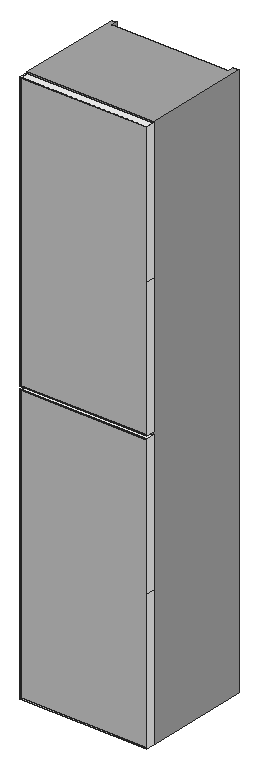
Revit family "bathroom vanity-hansgrohe-54221XXX-Xevolos E Tall cabinet Matt White 400_360, door hinge right", category Furniture, Revit 2019
Family settings
  OmniClass Number = 23.40.00.00
  OmniClass Title = Equipment and Furnishings
  Work Plane-Based = No
  Always vertical = Yes
  Cut with Voids When Loaded = No
  Shared = Yes
  Room Calculation Point = No
Parameters (values of type "54221320-MATT_WHITE-METALLIC_WHITE-400")
  etim7_EC011381 = "EC011381"
  WEIGHT = "0"
  UNSPSC = "56 | Furniture and Furnishings"
  UNIFORMATII = "E2010 | Fixed Furnishings"
  UNICLASS_2015_CODE = "40_30_78_05"
  UNICLASS2015 = "Pr_40_30_78_05 | Bathroom furniture"
  SURFACE = "METALLIC_WHITE"
  REGION = "Worldwide"
  PRODUCTURL = "https://pro.hansgrohe.com/articledetail--54221320"
  PERMALINK = "54221XXX"
  OMNICLASS = "23-21 19 15 33 13 | Residential Bathroom Specialty Casework"
  OBJECTTYPE = "Object (single object)"
  OBERFLAECHE = "MATT_WHITE"
  NN = "Tall cabinet, door hinge"
  NBSYN = "$ARTNR.-$OBERFLAECHE.-$SURFACE.-$LODLEVEL."
  NB = "54221320-MATT_WHITE-METALLIC_WHITE-400"
  NAME = "Xevolos E Tall cabinet Matt White 400/360, door hinge right"
  Model = "54221320-MATT_WHITE-METALLIC_WHITE-400"
  Manufacturer = "Hansgrohe"
  MIdent = "{$CADENAS_DATA/23d-libs/hansgrohe/xevolos_furniture/xevolos_tall_cabinet_door_hinge/tall_cabinet_door_hinge.prj},243 {VTYP=3D},{NB=54221320-MATT_WHITE-METALLIC_WHITE-400},{LINA=54221320-MATT_WHITE-METALLIC_WHITE-400},{NN=Tall cabinet, door hinge},{DATE=13.03.2023 12:06:51},{GEOMDATE=12.03.2023 06:51:00},{VERSION=},{LINEID=100},{WBVAR=LODLEVEL},{WBNUMERIC=}  {NB=54221320-MATT_WHITE-METALLIC_WHITE-400},{LINA=54221320-MATT_WHITE-METALLIC_WHITE-400},{KT=DUMMY},{IDNR=10},{ARTNR=54221320},{BASENUMBER=54221},{MODEL=54221XXX},{OBERFLAECHE=MATT_WHITE},{SURFACE=METALLIC_WHITE},{L=400},{LODLEVEL=400},{LODLEVELX='400','400','200','200'},{NAME=Xevolos E Tall cabinet Matt White 400/360, door hinge right},{PERMALINK=54221XXX},{OBJECTTYPE=Object (single object)},{BIMOBJECT=Sanitary: Compound units},{COLLECTIONSET=Xevolos E},{COLLECTION=bathroom vanity},{WEIGHT=0},{DESCRIPTION=Xevolos E Tall cabinet Matt White 400/360, door hinge right},{PRODUCTURL=https://pro.hansgrohe.com/articledetail--54221320},{GTINCODE=0},{TENDERURL=0},{IFC=Furnishing element},{ETIM=EC011381 | Bathroom furniture set},{UNICLASS2015=Pr_40_30_78_05 | Bathroom furniture},{OMNICLASS=23-21 19 15 33 13 | Residential Bathroom Specialty Casework},{MASTERFORMAT=12 35 30.23 | Bathroom Casework},{UNSPSC=56 | Furniture and Furnishings},{UNIFORMATII=E2010 | Fixed Furnishings},{REGION=Worldwide},{DESIGN=Germany},{MANUFACTURER=Germany}"
  MASTERFORMAT = "12 35 30.23 | Bathroom Casework"
  LODLEVEL = "400"
  LINA = "54221320-MATT_WHITE-METALLIC_WHITE-400"
  L = 400
  IFC = "Furnishing element"
  IDNR = 10
  ETIM = "EC011381 | Bathroom furniture set"
  DESIGN = "Germany"
  COLLECTIONSET = "Xevolos E"
  COLLECTION = "bathroom vanity"
  CATALOG = "Hansgrohe"
  BIMOBJECT = "Sanitary: Compound units"
  BASENUMBER = "54221"
  ARTNR = "54221320"
  54221730-MATT_WHITE-DARK_OAK-400_RX0RY0RZ0TX0TY0TZ0_V = no
  54221730-MATT_WHITE-DARK_OAK-200_RX0RY0RZ0TX0TY0TZ0_V = no
  54221390-MATT_WHITE-PATTEREND_BRONZE-400_RX0RY0RZ0TX0TY0TZ0_V = no
  54221390-MATT_WHITE-PATTEREND_BRONZE-200_RX0RY0RZ0TX0TY0TZ0_V = no
  54221320-MATT_WHITE-METALLIC_WHITE-400_RX0RY0RZ0TX0TY0TZ0_V = yes
  54221320-MATT_WHITE-METALLIC_WHITE-200_RX0RY0RZ0TX0TY0TZ0_V = no
Types (6, lengths in mm): name | SURFACE | NB | Model | MIdent | LODLEVEL | LINA | IDNR | ARTNR | 54221730-MATT_WHITE-DARK_OAK-400_RX0RY0RZ0TX0TY0TZ0_V | 54221730-MATT_WHITE-DARK_OAK-200_RX0RY0RZ0TX0TY0TZ0_V | 54221390-MATT_WHITE-PATTEREND_BRONZE-400_RX0RY0RZ0TX0TY0TZ0_V | 54221390-MATT_WHITE-PATTEREND_BRONZE-200_RX0RY0RZ0TX0TY0TZ0_V | 54221320-MATT_WHITE-METALLIC_WHITE-400_RX0RY0RZ0TX0TY0TZ0_V | 54221320-MATT_WHITE-METALLIC_WHITE-200_RX0RY0RZ0TX0TY0TZ0_V
  54221320-MATT_WHITE-METALLIC_WHITE-200 | "METALLIC_WHITE" | "54221320-MATT_WHITE-METALLIC_WHITE-200" | "54221320-MATT_WHITE-METALLIC_WHITE-200" | "{$CADENAS_DATA/23d-libs/hansgrohe/xevolos_furniture/xevolos_tall_cabinet_door_hinge/tall_cabinet_door_hinge.prj},243 {VTYP=3D},{NB=54221320-MATT_WHITE-METALLIC_WHITE-200},{LINA=54221320-MATT_WHITE-METALLIC_WHITE-200},{NN=Tall cabinet, door hinge},{DATE=13.03.2023 12:06:51},{GEOMDATE=12.03.2023 06:51:00},{VERSION=},{LINEID=100},{WBVAR=LODLEVEL},{WBNUMERIC=}  {NB=54221320-MATT_WHITE-METALLIC_WHITE-200},{LINA=54221320-MATT_WHITE-METALLIC_WHITE-200},{KT=DUMMY},{IDNR=10},{ARTNR=54221320},{BASENUMBER=54221},{MODEL=54221XXX},{OBERFLAECHE=MATT_WHITE},{SURFACE=METALLIC_WHITE},{L=400},{LODLEVEL=200},{LODLEVELX='400','400','200','200'},{NAME=Xevolos E Tall cabinet Matt White 400/360, door hinge right},{PERMALINK=54221XXX},{OBJECTTYPE=Object (single object)},{BIMOBJECT=Sanitary: Compound units},{COLLECTIONSET=Xevolos E},{COLLECTION=bathroom vanity},{WEIGHT=0},{DESCRIPTION=Xevolos E Tall cabinet Matt White 400/360, door hinge right},{PRODUCTURL=https://pro.hansgrohe.com/articledetail--54221320},{GTINCODE=0},{TENDERURL=0},{IFC=Furnishing element},{ETIM=EC011381 | Bathroom furniture set},{UNICLASS2015=Pr_40_30_78_05 | Bathroom furniture},{OMNICLASS=23-21 19 15 33 13 | Residential Bathroom Specialty Casework},{MASTERFORMAT=12 35 30.23 | Bathroom Casework},{UNSPSC=56 | Furniture and Furnishings},{UNIFORMATII=E2010 | Fixed Furnishings},{REGION=Worldwide},{DESIGN=Germany},{MANUFACTURER=Germany}" | "200" | "54221320-MATT_WHITE-METALLIC_WHITE-200" | 10 | "54221320" | no | no | no | no | no | yes
  54221320-MATT_WHITE-METALLIC_WHITE-400 | "METALLIC_WHITE" | "54221320-MATT_WHITE-METALLIC_WHITE-400" | "54221320-MATT_WHITE-METALLIC_WHITE-400" | "{$CADENAS_DATA/23d-libs/hansgrohe/xevolos_furniture/xevolos_tall_cabinet_door_hinge/tall_cabinet_door_hinge.prj},243 {VTYP=3D},{NB=54221320-MATT_WHITE-METALLIC_WHITE-400},{LINA=54221320-MATT_WHITE-METALLIC_WHITE-400},{NN=Tall cabinet, door hinge},{DATE=13.03.2023 12:06:51},{GEOMDATE=12.03.2023 06:51:00},{VERSION=},{LINEID=100},{WBVAR=LODLEVEL},{WBNUMERIC=}  {NB=54221320-MATT_WHITE-METALLIC_WHITE-400},{LINA=54221320-MATT_WHITE-METALLIC_WHITE-400},{KT=DUMMY},{IDNR=10},{ARTNR=54221320},{BASENUMBER=54221},{MODEL=54221XXX},{OBERFLAECHE=MATT_WHITE},{SURFACE=METALLIC_WHITE},{L=400},{LODLEVEL=400},{LODLEVELX='400','400','200','200'},{NAME=Xevolos E Tall cabinet Matt White 400/360, door hinge right},{PERMALINK=54221XXX},{OBJECTTYPE=Object (single object)},{BIMOBJECT=Sanitary: Compound units},{COLLECTIONSET=Xevolos E},{COLLECTION=bathroom vanity},{WEIGHT=0},{DESCRIPTION=Xevolos E Tall cabinet Matt White 400/360, door hinge right},{PRODUCTURL=https://pro.hansgrohe.com/articledetail--54221320},{GTINCODE=0},{TENDERURL=0},{IFC=Furnishing element},{ETIM=EC011381 | Bathroom furniture set},{UNICLASS2015=Pr_40_30_78_05 | Bathroom furniture},{OMNICLASS=23-21 19 15 33 13 | Residential Bathroom Specialty Casework},{MASTERFORMAT=12 35 30.23 | Bathroom Casework},{UNSPSC=56 | Furniture and Furnishings},{UNIFORMATII=E2010 | Fixed Furnishings},{REGION=Worldwide},{DESIGN=Germany},{MANUFACTURER=Germany}" | "400" | "54221320-MATT_WHITE-METALLIC_WHITE-400" | 10 | "54221320" | no | no | no | no | yes | no
  54221390-MATT_WHITE-PATTEREND_BRONZE-200 | "PATTEREND_BRONZE" | "54221390-MATT_WHITE-PATTEREND_BRONZE-200" | "54221390-MATT_WHITE-PATTEREND_BRONZE-200" | "{$CADENAS_DATA/23d-libs/hansgrohe/xevolos_furniture/xevolos_tall_cabinet_door_hinge/tall_cabinet_door_hinge.prj},247 {VTYP=3D},{NB=54221390-MATT_WHITE-PATTEREND_BRONZE-200},{LINA=54221390-MATT_WHITE-PATTEREND_BRONZE-200},{NN=Tall cabinet, door hinge},{DATE=13.03.2023 12:06:51},{GEOMDATE=12.03.2023 06:51:00},{VERSION=},{LINEID=110},{WBVAR=LODLEVEL},{WBNUMERIC=}  {NB=54221390-MATT_WHITE-PATTEREND_BRONZE-200},{LINA=54221390-MATT_WHITE-PATTEREND_BRONZE-200},{KT=DUMMY},{IDNR=11},{ARTNR=54221390},{BASENUMBER=54221},{MODEL=54221XXX},{OBERFLAECHE=MATT_WHITE},{SURFACE=PATTEREND_BRONZE},{L=400},{LODLEVEL=200},{LODLEVELX='400','400','200','200'},{NAME=Xevolos E Tall cabinet Matt White 400/360, door hinge right},{PERMALINK=54221XXX},{OBJECTTYPE=Object (single object)},{BIMOBJECT=Sanitary: Compound units},{COLLECTIONSET=Xevolos E},{COLLECTION=bathroom vanity},{WEIGHT=0},{DESCRIPTION=Xevolos E Tall cabinet Matt White 400/360, door hinge right},{PRODUCTURL=https://pro.hansgrohe.com/articledetail--54221320},{GTINCODE=0},{TENDERURL=0},{IFC=Furnishing element},{ETIM=EC011381 | Bathroom furniture set},{UNICLASS2015=Pr_40_30_78_05 | Bathroom furniture},{OMNICLASS=23-21 19 15 33 13 | Residential Bathroom Specialty Casework},{MASTERFORMAT=12 35 30.23 | Bathroom Casework},{UNSPSC=56 | Furniture and Furnishings},{UNIFORMATII=E2010 | Fixed Furnishings},{REGION=Worldwide},{DESIGN=Germany},{MANUFACTURER=Germany}" | "200" | "54221390-MATT_WHITE-PATTEREND_BRONZE-200" | 11 | "54221390" | no | no | no | yes | no | no
  54221390-MATT_WHITE-PATTEREND_BRONZE-400 | "PATTEREND_BRONZE" | "54221390-MATT_WHITE-PATTEREND_BRONZE-400" | "54221390-MATT_WHITE-PATTEREND_BRONZE-400" | "{$CADENAS_DATA/23d-libs/hansgrohe/xevolos_furniture/xevolos_tall_cabinet_door_hinge/tall_cabinet_door_hinge.prj},247 {VTYP=3D},{NB=54221390-MATT_WHITE-PATTEREND_BRONZE-400},{LINA=54221390-MATT_WHITE-PATTEREND_BRONZE-400},{NN=Tall cabinet, door hinge},{DATE=13.03.2023 12:06:51},{GEOMDATE=12.03.2023 06:51:00},{VERSION=},{LINEID=110},{WBVAR=LODLEVEL},{WBNUMERIC=}  {NB=54221390-MATT_WHITE-PATTEREND_BRONZE-400},{LINA=54221390-MATT_WHITE-PATTEREND_BRONZE-400},{KT=DUMMY},{IDNR=11},{ARTNR=54221390},{BASENUMBER=54221},{MODEL=54221XXX},{OBERFLAECHE=MATT_WHITE},{SURFACE=PATTEREND_BRONZE},{L=400},{LODLEVEL=400},{LODLEVELX='400','400','200','200'},{NAME=Xevolos E Tall cabinet Matt White 400/360, door hinge right},{PERMALINK=54221XXX},{OBJECTTYPE=Object (single object)},{BIMOBJECT=Sanitary: Compound units},{COLLECTIONSET=Xevolos E},{COLLECTION=bathroom vanity},{WEIGHT=0},{DESCRIPTION=Xevolos E Tall cabinet Matt White 400/360, door hinge right},{PRODUCTURL=https://pro.hansgrohe.com/articledetail--54221320},{GTINCODE=0},{TENDERURL=0},{IFC=Furnishing element},{ETIM=EC011381 | Bathroom furniture set},{UNICLASS2015=Pr_40_30_78_05 | Bathroom furniture},{OMNICLASS=23-21 19 15 33 13 | Residential Bathroom Specialty Casework},{MASTERFORMAT=12 35 30.23 | Bathroom Casework},{UNSPSC=56 | Furniture and Furnishings},{UNIFORMATII=E2010 | Fixed Furnishings},{REGION=Worldwide},{DESIGN=Germany},{MANUFACTURER=Germany}" | "400" | "54221390-MATT_WHITE-PATTEREND_BRONZE-400" | 11 | "54221390" | no | no | yes | no | no | no
  54221730-MATT_WHITE-DARK_OAK-200 | "DARK_OAK" | "54221730-MATT_WHITE-DARK_OAK-200" | "54221730-MATT_WHITE-DARK_OAK-200" | "{$CADENAS_DATA/23d-libs/hansgrohe/xevolos_furniture/xevolos_tall_cabinet_door_hinge/tall_cabinet_door_hinge.prj},231 {VTYP=3D},{NB=54221730-MATT_WHITE-DARK_OAK-200},{LINA=54221730-MATT_WHITE-DARK_OAK-200},{NN=Tall cabinet, door hinge},{DATE=13.03.2023 12:06:51},{GEOMDATE=12.03.2023 06:51:00},{VERSION=},{LINEID=120},{WBVAR=LODLEVEL},{WBNUMERIC=}  {NB=54221730-MATT_WHITE-DARK_OAK-200},{LINA=54221730-MATT_WHITE-DARK_OAK-200},{KT=DUMMY},{IDNR=12},{ARTNR=54221730},{BASENUMBER=54221},{MODEL=54221XXX},{OBERFLAECHE=MATT_WHITE},{SURFACE=DARK_OAK},{L=400},{LODLEVEL=200},{LODLEVELX='400','400','200','200'},{NAME=Xevolos E Tall cabinet Matt White 400/360, door hinge right},{PERMALINK=54221XXX},{OBJECTTYPE=Object (single object)},{BIMOBJECT=Sanitary: Compound units},{COLLECTIONSET=Xevolos E},{COLLECTION=bathroom vanity},{WEIGHT=0},{DESCRIPTION=Xevolos E Tall cabinet Matt White 400/360, door hinge right},{PRODUCTURL=https://pro.hansgrohe.com/articledetail--54221320},{GTINCODE=0},{TENDERURL=0},{IFC=Furnishing element},{ETIM=EC011381 | Bathroom furniture set},{UNICLASS2015=Pr_40_30_78_05 | Bathroom furniture},{OMNICLASS=23-21 19 15 33 13 | Residential Bathroom Specialty Casework},{MASTERFORMAT=12 35 30.23 | Bathroom Casework},{UNSPSC=56 | Furniture and Furnishings},{UNIFORMATII=E2010 | Fixed Furnishings},{REGION=Worldwide},{DESIGN=Germany},{MANUFACTURER=Germany}" | "200" | "54221730-MATT_WHITE-DARK_OAK-200" | 12 | "54221730" | no | yes | no | no | no | no
  54221730-MATT_WHITE-DARK_OAK-400 | "DARK_OAK" | "54221730-MATT_WHITE-DARK_OAK-400" | "54221730-MATT_WHITE-DARK_OAK-400" | "{$CADENAS_DATA/23d-libs/hansgrohe/xevolos_furniture/xevolos_tall_cabinet_door_hinge/tall_cabinet_door_hinge.prj},231 {VTYP=3D},{NB=54221730-MATT_WHITE-DARK_OAK-400},{LINA=54221730-MATT_WHITE-DARK_OAK-400},{NN=Tall cabinet, door hinge},{DATE=13.03.2023 12:06:51},{GEOMDATE=12.03.2023 06:51:00},{VERSION=},{LINEID=120},{WBVAR=LODLEVEL},{WBNUMERIC=}  {NB=54221730-MATT_WHITE-DARK_OAK-400},{LINA=54221730-MATT_WHITE-DARK_OAK-400},{KT=DUMMY},{IDNR=12},{ARTNR=54221730},{BASENUMBER=54221},{MODEL=54221XXX},{OBERFLAECHE=MATT_WHITE},{SURFACE=DARK_OAK},{L=400},{LODLEVEL=400},{LODLEVELX='400','400','200','200'},{NAME=Xevolos E Tall cabinet Matt White 400/360, door hinge right},{PERMALINK=54221XXX},{OBJECTTYPE=Object (single object)},{BIMOBJECT=Sanitary: Compound units},{COLLECTIONSET=Xevolos E},{COLLECTION=bathroom vanity},{WEIGHT=0},{DESCRIPTION=Xevolos E Tall cabinet Matt White 400/360, door hinge right},{PRODUCTURL=https://pro.hansgrohe.com/articledetail--54221320},{GTINCODE=0},{TENDERURL=0},{IFC=Furnishing element},{ETIM=EC011381 | Bathroom furniture set},{UNICLASS2015=Pr_40_30_78_05 | Bathroom furniture},{OMNICLASS=23-21 19 15 33 13 | Residential Bathroom Specialty Casework},{MASTERFORMAT=12 35 30.23 | Bathroom Casework},{UNSPSC=56 | Furniture and Furnishings},{UNIFORMATII=E2010 | Fixed Furnishings},{REGION=Worldwide},{DESIGN=Germany},{MANUFACTURER=Germany}" | "400" | "54221730-MATT_WHITE-DARK_OAK-400" | 12 | "54221730" | yes | no | no | no | no | no
Reference planes
  plane 1 "Center (Front/Back)": y = 0
  plane 2: z = 0
  plane 3 "Center (Left/Right)": x = 0
Dimensions and locks
  aligned and locked: level to plane 2
Nested families
  nested 1: "54221320-matt_white-metallic_white-200_content" at (0, 0, 0), visible <- "54221320-MATT_WHITE-METALLIC_WHITE-200_RX0RY0RZ0TX0TY0TZ0_V", ContentVisible <- "54221320-MATT_WHITE-METALLIC_WHITE-200_RX0RY0RZ0TX0TY0TZ0_V", type "54221320-MATT_WHITE-METALLIC_WHITE-200_Content"
    with ContentVisible no
  nested 2: "54221320-matt_white-metallic_white-400_content" at (0, 0, 0), visible <- "54221320-MATT_WHITE-METALLIC_WHITE-400_RX0RY0RZ0TX0TY0TZ0_V", ContentVisible <- "54221320-MATT_WHITE-METALLIC_WHITE-400_RX0RY0RZ0TX0TY0TZ0_V", type "54221320-MATT_WHITE-METALLIC_WHITE-400_Content"
    with ContentVisible yes
  nested 3: "54221390-matt_white-patterend_bronze-200_content" at (0, 0, 0), visible <- "54221390-MATT_WHITE-PATTEREND_BRONZE-200_RX0RY0RZ0TX0TY0TZ0_V", ContentVisible <- "54221390-MATT_WHITE-PATTEREND_BRONZE-200_RX0RY0RZ0TX0TY0TZ0_V", type "54221390-MATT_WHITE-PATTEREND_BRONZE-200_Content"
    with ContentVisible no
  nested 4: "54221390-matt_white-patterend_bronze-400_content" at (0, 0, 0), visible <- "54221390-MATT_WHITE-PATTEREND_BRONZE-400_RX0RY0RZ0TX0TY0TZ0_V", ContentVisible <- "54221390-MATT_WHITE-PATTEREND_BRONZE-400_RX0RY0RZ0TX0TY0TZ0_V", type "54221390-MATT_WHITE-PATTEREND_BRONZE-400_Content"
    with ContentVisible no
  nested 5: "54221730-matt_white-dark_oak-200_content" at (0, 0, 0), visible <- "54221730-MATT_WHITE-DARK_OAK-200_RX0RY0RZ0TX0TY0TZ0_V", ContentVisible <- "54221730-MATT_WHITE-DARK_OAK-200_RX0RY0RZ0TX0TY0TZ0_V", type "54221730-MATT_WHITE-DARK_OAK-200_Content"
    with ContentVisible no
  nested 6: "54221730-matt_white-dark_oak-400_content" at (0, 0, 0), visible <- "54221730-MATT_WHITE-DARK_OAK-400_RX0RY0RZ0TX0TY0TZ0_V", ContentVisible <- "54221730-MATT_WHITE-DARK_OAK-400_RX0RY0RZ0TX0TY0TZ0_V", type "54221730-MATT_WHITE-DARK_OAK-400_Content"
    with ContentVisible no
Definition of nested family "54221320-matt_white-metallic_white-400_content"
  Parameters (values of type "54221320-MATT_WHITE-METALLIC_WHITE-400_Content")
    etim7_EC011381 = "EC011381"
    WEIGHT = "0"
    UNSPSC = "56 | Furniture and Furnishings"
    UNIFORMATII = "E2010 | Fixed Furnishings"
    UNICLASS_2015_CODE = "40_30_78_05"
    UNICLASS2015 = "Pr_40_30_78_05 | Bathroom furniture"
    SURFACE = "METALLIC_WHITE"
    REGION = "Worldwide"
    PRODUCTURL = "https://pro.hansgrohe.com/articledetail--54221320"
    PERMALINK = "54221XXX"
    OMNICLASS = "23-21 19 15 33 13 | Residential Bathroom Specialty Casework"
    OBJECTTYPE = "Object (single object)"
    OBERFLAECHE = "MATT_WHITE"
    NN = "Tall cabinet, door hinge"
    NBSYN = "$ARTNR.-$OBERFLAECHE.-$SURFACE.-$LODLEVEL."
    NB = "54221320-MATT_WHITE-METALLIC_WHITE-400"
    NAME = "Xevolos E Tall cabinet Matt White 400/360, door hinge right"
    Model = "54221320-MATT_WHITE-METALLIC_WHITE-400"
    Manufacturer = "Hansgrohe"
    MASTERFORMAT = "12 35 30.23 | Bathroom Casework"
    LODLEVEL = "400"
    LINA = "54221320-MATT_WHITE-METALLIC_WHITE-400"
    L = 400
    IFC = "Furnishing element"
    IDNR = 10
    ETIM = "EC011381 | Bathroom furniture set"
    Default Elevation = 1219.2 mm
    DESIGN = "Germany"
    ContentVisible [instance] = yes
    COLLECTIONSET = "Xevolos E"
    COLLECTION = "bathroom vanity"
    CATALOG = "Hansgrohe"
    BIMOBJECT = "Sanitary: Compound units"
    BASENUMBER = "54221"
    ARTNR = "54221320"
  Reference planes
    plane 1 "Center (Front/Back)": y = 0
    plane 2: z = 0
    plane 3 "Center (Left/Right)": x = 0
  Forms (mm)
    Extrusion 1, solid, visible <- "ContentVisible", detail levels medium+fine
      sketch origin (0, 0, 0) x (1, 0, 0) y (0, 1, 0)
        loop
          line (-200, 0) -> (-200, -334.5) -> (200, -334.5) -> (200, 0) -> (184, 0) -> (184, -16.8) -> (-184, -16.8) -> (-184, 0) -> (-200, 0)
      from 0 to 1760
    Extrusion 2, solid, visible <- "ContentVisible", detail levels medium+fine
      sketch origin (0, -334.5, 0) x (1, 0, 0) y (0, 0, -1)
        loop
          line (-200, -2) -> (-200, -439) -> (-198, -439) -> (-198, -4) -> (198, -4) -> (198, -439) -> (200, -439) -> (200, -2) -> (-200, -2)
      from -24.75 to 0
    Extrusion 3, solid, visible <- "ContentVisible", detail levels medium+fine
      sketch origin (0, -334.5, 0) x (1, 0, 0) y (0, 0, -1)
        loop
          line (-200, -439) -> (-200, -876) -> (200, -876) -> (200, -439) -> (198, -439) -> (198, -874) -> (-198, -874) -> (-198, -439) -> (-200, -439)
      from -24.75 to 0
    Extrusion 4, solid, visible <- "ContentVisible", detail levels medium+fine
      sketch origin (0, -334.5, 0) x (1, 0, 0) y (0, 0, -1)
        loop
          line (-198, -4) -> (-198, -874) -> (198, -874) -> (198, -4) -> (-198, -4)
      from -24.75 to 0
    Extrusion 5, solid, visible <- "ContentVisible", detail levels medium+fine
      sketch origin (0, -334.5, 0) x (1, 0, 0) y (0, 0, -1)
        loop
          line (-200, -884) -> (-200, -1321) -> (-198, -1321) -> (-198, -886) -> (198, -886) -> (198, -1321) -> (200, -1321) -> (200, -884) -> (-200, -884)
      from -24.75 to 0
    Extrusion 6, solid, visible <- "ContentVisible", detail levels medium+fine
      sketch origin (0, -334.5, 0) x (1, 0, 0) y (0, 0, -1)
        loop
          line (-200, -1321) -> (-200, -1758) -> (200, -1758) -> (200, -1321) -> (198, -1321) -> (198, -1756) -> (-198, -1756) -> (-198, -1321) -> (-200, -1321)
      from -24.75 to 0
    Extrusion 7, solid, visible <- "ContentVisible", detail levels medium+fine
      sketch origin (0, -334.5, 0) x (1, 0, 0) y (0, 0, -1)
        loop
          line (-198, -886) -> (-198, -1756) -> (198, -1756) -> (198, -886) -> (-198, -886)
      from -24.75 to 0
    Extrusion 8, solid, visible <- "ContentVisible", detail levels coarse
      sketch origin (0, -179.625, 0) x (1, 0, 0) y (0, 1, 0)
        loop
          line (-200, -179.625) -> (200, -179.625) -> (200, 179.625) -> (-200, 179.625) -> (-200, -179.625)
      from 0 to 1760
  Dimensions and locks
    aligned and locked: level to plane 2
Definition of nested family "54221320-matt_white-metallic_white-200_content"
  Parameters (values of type "54221320-MATT_WHITE-METALLIC_WHITE-200_Content")
    etim7_EC011381 = "EC011381"
    WEIGHT = "0"
    UNSPSC = "56 | Furniture and Furnishings"
    UNIFORMATII = "E2010 | Fixed Furnishings"
    UNICLASS_2015_CODE = "40_30_78_05"
    UNICLASS2015 = "Pr_40_30_78_05 | Bathroom furniture"
    SURFACE = "METALLIC_WHITE"
    REGION = "Worldwide"
    PRODUCTURL = "https://pro.hansgrohe.com/articledetail--54221320"
    PERMALINK = "54221XXX"
    OMNICLASS = "23-21 19 15 33 13 | Residential Bathroom Specialty Casework"
    OBJECTTYPE = "Object (single object)"
    OBERFLAECHE = "MATT_WHITE"
    NN = "Tall cabinet, door hinge"
    NBSYN = "$ARTNR.-$OBERFLAECHE.-$SURFACE.-$LODLEVEL."
    NB = "54221320-MATT_WHITE-METALLIC_WHITE-200"
    NAME = "Xevolos E Tall cabinet Matt White 400/360, door hinge right"
    Model = "54221320-MATT_WHITE-METALLIC_WHITE-200"
    Manufacturer = "Hansgrohe"
    MASTERFORMAT = "12 35 30.23 | Bathroom Casework"
    LODLEVEL = "200"
    LINA = "54221320-MATT_WHITE-METALLIC_WHITE-200"
    L = 400
    IFC = "Furnishing element"
    IDNR = 10
    ETIM = "EC011381 | Bathroom furniture set"
    Default Elevation = 1219.2 mm
    DESIGN = "Germany"
    ContentVisible [instance] = yes
    COLLECTIONSET = "Xevolos E"
    COLLECTION = "bathroom vanity"
    CATALOG = "Hansgrohe"
    BIMOBJECT = "Sanitary: Compound units"
    BASENUMBER = "54221"
    ARTNR = "54221320"
  Reference planes
    plane 1 "Center (Front/Back)": y = 0
    plane 2: z = 0
    plane 3 "Center (Left/Right)": x = 0
  Forms (mm)
    Extrusion 1, solid, visible <- "ContentVisible", detail levels medium+fine
      sketch origin (0, 0, 0) x (1, 0, 0) y (0, 1, 0)
        loop
          line (-200, 0) -> (-200, -334.5) -> (200, -334.5) -> (200, 0) -> (-200, 0)
      from 0 to 1760
    Extrusion 2, solid, visible <- "ContentVisible", detail levels medium+fine
      sketch origin (0, -334.5, 0) x (1, 0, 0) y (0, 0, -1)
        loop
          line (-200, -2) -> (-200, -1758) -> (200, -1758) -> (200, -2) -> (-200, -2)
        loop
          line (-198, -4) -> (-198, -1756) -> (198, -1756) -> (198, -4) -> (-198, -4)
      from -24.75 to 0
    Extrusion 3, solid, visible <- "ContentVisible", detail levels medium+fine
      sketch origin (0, -334.5, 0) x (1, 0, 0) y (0, 0, -1)
        loop
          line (-198, -4) -> (-198, -1756) -> (198, -1756) -> (198, -4) -> (-198, -4)
      from -24.75 to 0
    Extrusion 4, solid, visible <- "ContentVisible", detail levels coarse
      sketch origin (0, -179.625, 0) x (1, 0, 0) y (0, 1, 0)
        loop
          line (-200, -179.625) -> (200, -179.625) -> (200, 179.625) -> (-200, 179.625) -> (-200, -179.625)
      from 0 to 1760
  Dimensions and locks
    aligned and locked: level to plane 2
Definition of nested family "54221390-matt_white-patterend_bronze-200_content"
  Parameters (values of type "54221390-MATT_WHITE-PATTEREND_BRONZE-200_Content")
    etim7_EC011381 = "EC011381"
    WEIGHT = "0"
    UNSPSC = "56 | Furniture and Furnishings"
    UNIFORMATII = "E2010 | Fixed Furnishings"
    UNICLASS_2015_CODE = "40_30_78_05"
    UNICLASS2015 = "Pr_40_30_78_05 | Bathroom furniture"
    SURFACE = "PATTEREND_BRONZE"
    REGION = "Worldwide"
    PRODUCTURL = "https://pro.hansgrohe.com/articledetail--54221320"
    PERMALINK = "54221XXX"
    OMNICLASS = "23-21 19 15 33 13 | Residential Bathroom Specialty Casework"
    OBJECTTYPE = "Object (single object)"
    OBERFLAECHE = "MATT_WHITE"
    NN = "Tall cabinet, door hinge"
    NBSYN = "$ARTNR.-$OBERFLAECHE.-$SURFACE.-$LODLEVEL."
    NB = "54221390-MATT_WHITE-PATTEREND_BRONZE-200"
    NAME = "Xevolos E Tall cabinet Matt White 400/360, door hinge right"
    Model = "54221390-MATT_WHITE-PATTEREND_BRONZE-200"
    Manufacturer = "Hansgrohe"
    MASTERFORMAT = "12 35 30.23 | Bathroom Casework"
    LODLEVEL = "200"
    LINA = "54221390-MATT_WHITE-PATTEREND_BRONZE-200"
    L = 400
    IFC = "Furnishing element"
    IDNR = 11
    ETIM = "EC011381 | Bathroom furniture set"
    Default Elevation = 1219.2 mm
    DESIGN = "Germany"
    ContentVisible [instance] = yes
    COLLECTIONSET = "Xevolos E"
    COLLECTION = "bathroom vanity"
    CATALOG = "Hansgrohe"
    BIMOBJECT = "Sanitary: Compound units"
    BASENUMBER = "54221"
    ARTNR = "54221390"
  Reference planes
    plane 1 "Center (Front/Back)": y = 0
    plane 2: z = 0
    plane 3 "Center (Left/Right)": x = 0
  Forms (mm)
    Extrusion 1, solid, visible <- "ContentVisible", detail levels medium+fine
      sketch origin (0, 0, 0) x (1, 0, 0) y (0, 1, 0)
        loop
          line (-200, 0) -> (-200, -334.5) -> (200, -334.5) -> (200, 0) -> (-200, 0)
      from 0 to 1760
    Extrusion 2, solid, visible <- "ContentVisible", detail levels medium+fine
      sketch origin (0, -334.5, 0) x (1, 0, 0) y (0, 0, -1)
        loop
          line (-200, -2) -> (-200, -1758) -> (200, -1758) -> (200, -2) -> (-200, -2)
        loop
          line (-198, -4) -> (-198, -1756) -> (198, -1756) -> (198, -4) -> (-198, -4)
      from -24.75 to 0
    Extrusion 3, solid, visible <- "ContentVisible", detail levels medium+fine
      sketch origin (0, -334.5, 0) x (1, 0, 0) y (0, 0, -1)
        loop
          line (-198, -4) -> (-198, -1756) -> (198, -1756) -> (198, -4) -> (-198, -4)
      from -24.75 to 0
    Extrusion 4, solid, visible <- "ContentVisible", detail levels coarse
      sketch origin (0, -179.625, 0) x (1, 0, 0) y (0, 1, 0)
        loop
          line (-200, -179.625) -> (200, -179.625) -> (200, 179.625) -> (-200, 179.625) -> (-200, -179.625)
      from 0 to 1760
  Dimensions and locks
    aligned and locked: level to plane 2
Definition of nested family "54221390-matt_white-patterend_bronze-400_content"
  Parameters (values of type "54221390-MATT_WHITE-PATTEREND_BRONZE-400_Content")
    etim7_EC011381 = "EC011381"
    WEIGHT = "0"
    UNSPSC = "56 | Furniture and Furnishings"
    UNIFORMATII = "E2010 | Fixed Furnishings"
    UNICLASS_2015_CODE = "40_30_78_05"
    UNICLASS2015 = "Pr_40_30_78_05 | Bathroom furniture"
    SURFACE = "PATTEREND_BRONZE"
    REGION = "Worldwide"
    PRODUCTURL = "https://pro.hansgrohe.com/articledetail--54221320"
    PERMALINK = "54221XXX"
    OMNICLASS = "23-21 19 15 33 13 | Residential Bathroom Specialty Casework"
    OBJECTTYPE = "Object (single object)"
    OBERFLAECHE = "MATT_WHITE"
    NN = "Tall cabinet, door hinge"
    NBSYN = "$ARTNR.-$OBERFLAECHE.-$SURFACE.-$LODLEVEL."
    NB = "54221390-MATT_WHITE-PATTEREND_BRONZE-400"
    NAME = "Xevolos E Tall cabinet Matt White 400/360, door hinge right"
    Model = "54221390-MATT_WHITE-PATTEREND_BRONZE-400"
    Manufacturer = "Hansgrohe"
    MASTERFORMAT = "12 35 30.23 | Bathroom Casework"
    LODLEVEL = "400"
    LINA = "54221390-MATT_WHITE-PATTEREND_BRONZE-400"
    L = 400
    IFC = "Furnishing element"
    IDNR = 11
    ETIM = "EC011381 | Bathroom furniture set"
    Default Elevation = 1219.2 mm
    DESIGN = "Germany"
    ContentVisible [instance] = yes
    COLLECTIONSET = "Xevolos E"
    COLLECTION = "bathroom vanity"
    CATALOG = "Hansgrohe"
    BIMOBJECT = "Sanitary: Compound units"
    BASENUMBER = "54221"
    ARTNR = "54221390"
  Reference planes
    plane 1 "Center (Front/Back)": y = 0
    plane 2: z = 0
    plane 3 "Center (Left/Right)": x = 0
  Forms (mm)
    Extrusion 1, solid, visible <- "ContentVisible", detail levels medium+fine
      sketch origin (0, 0, 0) x (1, 0, 0) y (0, 1, 0)
        loop
          line (-200, 0) -> (-200, -334.5) -> (200, -334.5) -> (200, 0) -> (184, 0) -> (184, -16.8) -> (-184, -16.8) -> (-184, 0) -> (-200, 0)
      from 0 to 1760
    Extrusion 2, solid, visible <- "ContentVisible", detail levels medium+fine
      sketch origin (0, -334.5, 0) x (1, 0, 0) y (0, 0, -1)
        loop
          line (-200, -2) -> (-200, -439) -> (-198, -439) -> (-198, -4) -> (198, -4) -> (198, -439) -> (200, -439) -> (200, -2) -> (-200, -2)
      from -24.75 to 0
    Extrusion 3, solid, visible <- "ContentVisible", detail levels medium+fine
      sketch origin (0, -334.5, 0) x (1, 0, 0) y (0, 0, -1)
        loop
          line (-200, -439) -> (-200, -876) -> (200, -876) -> (200, -439) -> (198, -439) -> (198, -874) -> (-198, -874) -> (-198, -439) -> (-200, -439)
      from -24.75 to 0
    Extrusion 4, solid, visible <- "ContentVisible", detail levels medium+fine
      sketch origin (0, -334.5, 0) x (1, 0, 0) y (0, 0, -1)
        loop
          line (-198, -4) -> (-198, -874) -> (198, -874) -> (198, -4) -> (-198, -4)
      from -24.75 to 0
    Extrusion 5, solid, visible <- "ContentVisible", detail levels medium+fine
      sketch origin (0, -334.5, 0) x (1, 0, 0) y (0, 0, -1)
        loop
          line (-200, -884) -> (-200, -1321) -> (-198, -1321) -> (-198, -886) -> (198, -886) -> (198, -1321) -> (200, -1321) -> (200, -884) -> (-200, -884)
      from -24.75 to 0
    Extrusion 6, solid, visible <- "ContentVisible", detail levels medium+fine
      sketch origin (0, -334.5, 0) x (1, 0, 0) y (0, 0, -1)
        loop
          line (-200, -1321) -> (-200, -1758) -> (200, -1758) -> (200, -1321) -> (198, -1321) -> (198, -1756) -> (-198, -1756) -> (-198, -1321) -> (-200, -1321)
      from -24.75 to 0
    Extrusion 7, solid, visible <- "ContentVisible", detail levels medium+fine
      sketch origin (0, -334.5, 0) x (1, 0, 0) y (0, 0, -1)
        loop
          line (-198, -886) -> (-198, -1756) -> (198, -1756) -> (198, -886) -> (-198, -886)
      from -24.75 to 0
    Extrusion 8, solid, visible <- "ContentVisible", detail levels coarse
      sketch origin (0, -179.625, 0) x (1, 0, 0) y (0, 1, 0)
        loop
          line (-200, -179.625) -> (200, -179.625) -> (200, 179.625) -> (-200, 179.625) -> (-200, -179.625)
      from 0 to 1760
  Dimensions and locks
    aligned and locked: level to plane 2
Definition of nested family "54221730-matt_white-dark_oak-200_content"
  Parameters (values of type "54221730-MATT_WHITE-DARK_OAK-200_Content")
    etim7_EC011381 = "EC011381"
    WEIGHT = "0"
    UNSPSC = "56 | Furniture and Furnishings"
    UNIFORMATII = "E2010 | Fixed Furnishings"
    UNICLASS_2015_CODE = "40_30_78_05"
    UNICLASS2015 = "Pr_40_30_78_05 | Bathroom furniture"
    SURFACE = "DARK_OAK"
    REGION = "Worldwide"
    PRODUCTURL = "https://pro.hansgrohe.com/articledetail--54221320"
    PERMALINK = "54221XXX"
    OMNICLASS = "23-21 19 15 33 13 | Residential Bathroom Specialty Casework"
    OBJECTTYPE = "Object (single object)"
    OBERFLAECHE = "MATT_WHITE"
    NN = "Tall cabinet, door hinge"
    NBSYN = "$ARTNR.-$OBERFLAECHE.-$SURFACE.-$LODLEVEL."
    NB = "54221730-MATT_WHITE-DARK_OAK-200"
    NAME = "Xevolos E Tall cabinet Matt White 400/360, door hinge right"
    Model = "54221730-MATT_WHITE-DARK_OAK-200"
    Manufacturer = "Hansgrohe"
    MASTERFORMAT = "12 35 30.23 | Bathroom Casework"
    LODLEVEL = "200"
    LINA = "54221730-MATT_WHITE-DARK_OAK-200"
    L = 400
    IFC = "Furnishing element"
    IDNR = 12
    ETIM = "EC011381 | Bathroom furniture set"
    Default Elevation = 1219.2 mm
    DESIGN = "Germany"
    ContentVisible [instance] = yes
    COLLECTIONSET = "Xevolos E"
    COLLECTION = "bathroom vanity"
    CATALOG = "Hansgrohe"
    BIMOBJECT = "Sanitary: Compound units"
    BASENUMBER = "54221"
    ARTNR = "54221730"
  Reference planes
    plane 1 "Center (Front/Back)": y = 0
    plane 2: z = 0
    plane 3 "Center (Left/Right)": x = 0
  Forms (mm)
    Extrusion 1, solid, visible <- "ContentVisible", detail levels medium+fine
      sketch origin (0, 0, 0) x (1, 0, 0) y (0, 1, 0)
        loop
          line (-200, 0) -> (-200, -334.5) -> (200, -334.5) -> (200, 0) -> (-200, 0)
      from 0 to 1760
    Extrusion 2, solid, visible <- "ContentVisible", detail levels medium+fine
      sketch origin (0, -334.5, 0) x (1, 0, 0) y (0, 0, -1)
        loop
          line (-200, -2) -> (-200, -1758) -> (200, -1758) -> (200, -2) -> (-200, -2)
        loop
          line (-198, -4) -> (-198, -1756) -> (198, -1756) -> (198, -4) -> (-198, -4)
      from -24.75 to 0
    Extrusion 3, solid, visible <- "ContentVisible", detail levels medium+fine
      sketch origin (0, -334.5, 0) x (1, 0, 0) y (0, 0, -1)
        loop
          line (-198, -4) -> (-198, -1756) -> (198, -1756) -> (198, -4) -> (-198, -4)
      from -24.75 to 0
    Extrusion 4, solid, visible <- "ContentVisible", detail levels coarse
      sketch origin (0, -179.625, 0) x (1, 0, 0) y (0, 1, 0)
        loop
          line (-200, -179.625) -> (200, -179.625) -> (200, 179.625) -> (-200, 179.625) -> (-200, -179.625)
      from 0 to 1760
  Dimensions and locks
    aligned and locked: level to plane 2
Definition of nested family "54221730-matt_white-dark_oak-400_content"
  Parameters (values of type "54221730-MATT_WHITE-DARK_OAK-400_Content")
    etim7_EC011381 = "EC011381"
    WEIGHT = "0"
    UNSPSC = "56 | Furniture and Furnishings"
    UNIFORMATII = "E2010 | Fixed Furnishings"
    UNICLASS_2015_CODE = "40_30_78_05"
    UNICLASS2015 = "Pr_40_30_78_05 | Bathroom furniture"
    SURFACE = "DARK_OAK"
    REGION = "Worldwide"
    PRODUCTURL = "https://pro.hansgrohe.com/articledetail--54221320"
    PERMALINK = "54221XXX"
    OMNICLASS = "23-21 19 15 33 13 | Residential Bathroom Specialty Casework"
    OBJECTTYPE = "Object (single object)"
    OBERFLAECHE = "MATT_WHITE"
    NN = "Tall cabinet, door hinge"
    NBSYN = "$ARTNR.-$OBERFLAECHE.-$SURFACE.-$LODLEVEL."
    NB = "54221730-MATT_WHITE-DARK_OAK-400"
    NAME = "Xevolos E Tall cabinet Matt White 400/360, door hinge right"
    Model = "54221730-MATT_WHITE-DARK_OAK-400"
    Manufacturer = "Hansgrohe"
    MASTERFORMAT = "12 35 30.23 | Bathroom Casework"
    LODLEVEL = "400"
    LINA = "54221730-MATT_WHITE-DARK_OAK-400"
    L = 400
    IFC = "Furnishing element"
    IDNR = 12
    ETIM = "EC011381 | Bathroom furniture set"
    Default Elevation = 1219.2 mm
    DESIGN = "Germany"
    ContentVisible [instance] = yes
    COLLECTIONSET = "Xevolos E"
    COLLECTION = "bathroom vanity"
    CATALOG = "Hansgrohe"
    BIMOBJECT = "Sanitary: Compound units"
    BASENUMBER = "54221"
    ARTNR = "54221730"
  Reference planes
    plane 1 "Center (Front/Back)": y = 0
    plane 2: z = 0
    plane 3 "Center (Left/Right)": x = 0
  Forms (mm)
    Extrusion 1, solid, visible <- "ContentVisible", detail levels medium+fine
      sketch origin (0, 0, 0) x (1, 0, 0) y (0, 1, 0)
        loop
          line (-200, 0) -> (-200, -334.5) -> (200, -334.5) -> (200, 0) -> (184, 0) -> (184, -16.8) -> (-184, -16.8) -> (-184, 0) -> (-200, 0)
      from 0 to 1760
    Extrusion 2, solid, visible <- "ContentVisible", detail levels medium+fine
      sketch origin (0, -334.5, 0) x (1, 0, 0) y (0, 0, -1)
        loop
          line (-200, -2) -> (-200, -439) -> (-198, -439) -> (-198, -4) -> (198, -4) -> (198, -439) -> (200, -439) -> (200, -2) -> (-200, -2)
      from -24.75 to 0
    Extrusion 3, solid, visible <- "ContentVisible", detail levels medium+fine
      sketch origin (0, -334.5, 0) x (1, 0, 0) y (0, 0, -1)
        loop
          line (-200, -439) -> (-200, -876) -> (200, -876) -> (200, -439) -> (198, -439) -> (198, -874) -> (-198, -874) -> (-198, -439) -> (-200, -439)
      from -24.75 to 0
    Extrusion 4, solid, visible <- "ContentVisible", detail levels medium+fine
      sketch origin (0, -334.5, 0) x (1, 0, 0) y (0, 0, -1)
        loop
          line (-198, -4) -> (-198, -874) -> (198, -874) -> (198, -4) -> (-198, -4)
      from -24.75 to 0
    Extrusion 5, solid, visible <- "ContentVisible", detail levels medium+fine
      sketch origin (0, -334.5, 0) x (1, 0, 0) y (0, 0, -1)
        loop
          line (-200, -884) -> (-200, -1321) -> (-198, -1321) -> (-198, -886) -> (198, -886) -> (198, -1321) -> (200, -1321) -> (200, -884) -> (-200, -884)
      from -24.75 to 0
    Extrusion 6, solid, visible <- "ContentVisible", detail levels medium+fine
      sketch origin (0, -334.5, 0) x (1, 0, 0) y (0, 0, -1)
        loop
          line (-200, -1321) -> (-200, -1758) -> (200, -1758) -> (200, -1321) -> (198, -1321) -> (198, -1756) -> (-198, -1756) -> (-198, -1321) -> (-200, -1321)
      from -24.75 to 0
    Extrusion 7, solid, visible <- "ContentVisible", detail levels medium+fine
      sketch origin (0, -334.5, 0) x (1, 0, 0) y (0, 0, -1)
        loop
          line (-198, -886) -> (-198, -1756) -> (198, -1756) -> (198, -886) -> (-198, -886)
      from -24.75 to 0
    Extrusion 8, solid, visible <- "ContentVisible", detail levels coarse
      sketch origin (0, -179.625, 0) x (1, 0, 0) y (0, 1, 0)
        loop
          line (-200, -179.625) -> (200, -179.625) -> (200, 179.625) -> (-200, 179.625) -> (-200, -179.625)
      from 0 to 1760
  Dimensions and locks
    aligned and locked: level to plane 2
